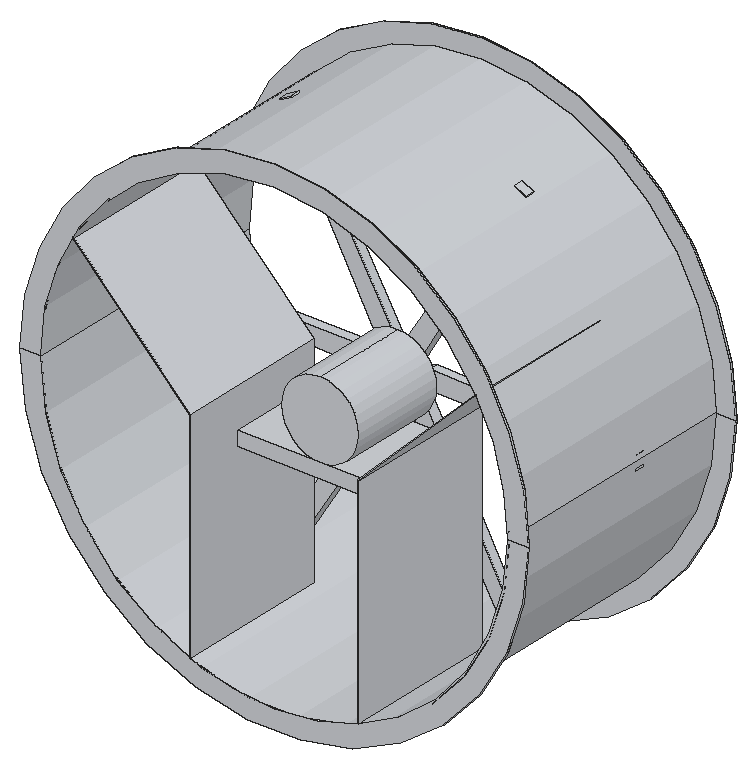
Revit family "EDD", category Mechanical Equipment, Revit 2019
Family settings
  Round Connector Dimension = Use Radius
  Part Type = Normal
  Work Plane-Based = No
  Always vertical = Yes
  Cut with Voids When Loaded = No
  Shared = No
  Room Calculation Point = No
Parameters (values of type "48_EDD")
  Unit Weight [instance] = ""
  Sones [instance] = ""
  Motor RPM [instance] = ""
  Motor Enclosure [instance] = ""
  ModelID [instance] = ""
  LwA [instance] = ""
  J/2 = J / 2  # 0' - 6 3/8"
  J = 1' - 0 3/4"
  H = 1' - 5 13/16"
  G = 0' - 6 3/4"
  Fan RPM [instance] = ""
  F/2 = F / 2  # 0' - 10 9/16"
  F = 1' - 9 1/8"
  E = 2' - 7"
  D = 1' - 10 1/8"
  B/6 = B / 6  # 0' - 8.79167"
  B/3 = B / 3  # 1' - 5.58333"
  C/2 = C / 2  # 0' - 1 1/16"
  C = 0' - 2 1/8"
  B/2 = B / 2  # 2' - 2 3/8"
  B = 4' - 4 3/4"
  Accessories [instance] = ""
  A/3*2 = A / 3 * 2 - 0' 2"  # 1' - 4"
  -A/3*2 = -A / 3 * 2 + 0' 2"  # -1' - 4"
  A/2 = A / 2  # 1' - 1 1/2"
  A = 2' - 3"
  60 = 30.00°  # constant formula
  3" = 0' - 3"  # constant formula
  Brake Hp [instance] = ""
  4" = 0' - 4"  # constant formula
  2' = 2' - 0"
  2" = 0' - 2"  # constant formula
  160 = 160.00°  # constant formula
  135 = 135.00°  # constant formula
  103 = 103.00°  # constant formula
  1" = 0' - 1"  # constant formula
  0 = 0' - 0"  # constant formula
  Voltage [instance] = 0 V
  URL = "www.lorencook.com"
  Type Comments = "Tube Axial Drum Fan Extruded Aluminum Propeller Direct Drive"  # constant formula
  Static Pressure [instance] = 0.00 in-wg
  Power [instance] = Voltage * Motor FLA * sqrt(if(Phase = 3, 3, 1))  # 0 VA
  Phase [instance] = 0
  Number of Poles [instance] = 1
  Motor Hp [instance] = "0"
  Motor FLA [instance] = 0 A
  Model = "EDD"  # constant formula
  Manufacturer = "Loren Cook Company"
  CFM [instance] = 0 CFM
  1.5 = 0' - 1 1/2"  # constant formula
  ONE EIGTH = 0' - 0 1/8"  # constant formula
  -G = -G  # -0' - 6 3/4"
  -E = -E  # -2' - 7"
  -A/2 = -A / 2 - 0' 2"  # -1' - 3 1/2"
  (B/2)-C+.125" = (B / 2) - C + 0' 0 1/8"  # 2' - 0 3/8"
  (B/2)-C = (B / 2) - C  # 2' - 0 1/4"
  (B-C)-1" = (B / 2 - C / 2) - 0' 1"  # 2' - 0 5/16"
Types (6): name | J/2 | J | H | G | F/2 | F | E | D | B/6 | B/3 | C/2 | C | B/2 | B | A/3*2 | -A/3*2 | A/2 | A | -G | -E | -A/2 | (B/2)-C+.125" | (B/2)-C | (B-C)-1"
  (no name) | 0' - 6 3/8" | 1' - 0 3/4" | 1' - 5 13/16" | 0' - 6 3/4" | 0' - 10 9/16" | 1' - 9 1/8" | 2' - 7" | 1' - 10 1/8" | 0' - 8.79167" | 1' - 5.58333" | 0' - 1 1/16" | 0' - 2 1/8" | 2' - 2 3/8" | 4' - 4 3/4" | 1' - 4" | -1' - 4" | 1' - 1 1/2" | 2' - 3" | -0' - 6 3/4" | -2' - 7" | -1' - 3 1/2" | 2' - 0 3/8" | 2' - 0 1/4" | 2' - 0 5/16"
  24_EDD | 0' - 4 7/8" | 0' - 9 3/4" | 1' - 4 5/16" | 0' - 5 1/4" | 0' - 8 1/16" | 1' - 4 1/8" | 1' - 8" | 1' - 5 1/8" | 0' - 4.58333" | 0' - 9.16667" | 0' - 0 3/4" | 0' - 1 1/2" | 1' - 1 3/4" | 2' - 3 1/2" | 0' - 10.66667" | -0' - 10.66667" | 0' - 9 1/2" | 1' - 7" | -0' - 5 1/4" | -1' - 8" | -0' - 11 1/2" | 1' - 0 3/8" | 1' - 0 1/4" | 1' - 0"
  30_EDD | 0' - 4 7/8" | 0' - 9 3/4" | 1' - 4 5/16" | 0' - 5 1/4" | 0' - 9 1/16" | 1' - 6 1/8" | 1' - 10" | 1' - 10 1/8" | 0' - 5.58333" | 0' - 11.16667" | 0' - 0 3/4" | 0' - 1 1/2" | 1' - 4 3/4" | 2' - 9 1/2" | 1' - 0" | -1' - 0" | 0' - 10 1/2" | 1' - 9" | -0' - 5 1/4" | -1' - 10" | -1' - 0 1/2" | 1' - 3 3/8" | 1' - 3 1/4" | 1' - 3"
  36_EDD | 0' - 6 3/8" | 1' - 0 3/4" | 1' - 5 13/16" | 0' - 6 3/4" | 0' - 10 9/16" | 1' - 9 1/8" | 2' - 1" | 1' - 10 1/8" | 0' - 6.58333" | 1' - 1.16667" | 0' - 0 3/4" | 0' - 1 1/2" | 1' - 7 3/4" | 3' - 3 1/2" | 1' - 0" | -1' - 0" | 0' - 10 1/2" | 1' - 9" | -0' - 6 3/4" | -2' - 1" | -1' - 0 1/2" | 1' - 6 3/8" | 1' - 6 1/4" | 1' - 6"
  42_EDD | 0' - 6 3/8" | 1' - 0 3/4" | 1' - 5 13/16" | 0' - 6 3/4" | 0' - 10 9/16" | 1' - 9 1/8" | 2' - 5" | 1' - 10 1/8" | 0' - 7 5/8" | 1' - 3 1/4" | 0' - 0 13/16" | 0' - 1 5/8" | 1' - 10 7/8" | 3' - 9 3/4" | 1' - 4" | -1' - 4" | 1' - 1 1/2" | 2' - 3" | -0' - 6 3/4" | -2' - 5" | -1' - 3 1/2" | 1' - 9 3/8" | 1' - 9 1/4" | 1' - 9 1/16"
  48_EDD | 0' - 6 3/8" | 1' - 0 3/4" | 1' - 5 13/16" | 0' - 6 3/4" | 0' - 10 9/16" | 1' - 9 1/8" | 2' - 7" | 1' - 10 1/8" | 0' - 8.79167" | 1' - 5.58333" | 0' - 1 1/16" | 0' - 2 1/8" | 2' - 2 3/8" | 4' - 4 3/4" | 1' - 4" | -1' - 4" | 1' - 1 1/2" | 2' - 3" | -0' - 6 3/4" | -2' - 7" | -1' - 3 1/2" | 2' - 0 3/8" | 2' - 0 1/4" | 2' - 0 5/16"
Reference planes (in)
  plane 1 "Center (Front/Back)": y = 0
  plane 2: z = 0
  plane 3 "Center (Left/Right)": x = 0.40541
Forms (in)
  Revolve 1, solid
    sketch origin (0, 0, 0) x (1, 0, 0) y (0, 1, 0)
      loop
        line (26.78041, 13.5) -> (24.65541, 13.5) -> (24.65541, -13.5) -> (26.78041, -13.5) -> (26.78041, -13.375) -> (24.78041, -13.375) -> (24.78041, 13.375) -> (26.78041, 13.375) -> (26.78041, 13.5)
      axis (0.40541, -13.5) -> (0.40541, 13.5)
    angle from 0 to 360
  Extrusion 2, solid
    sketch origin (0.40541, 2, 0) x (0, 0, 1) y (1, 0, 0)
      loop
        line (1.73205, 0) -> (0.86603, 1.5) -> (-0.86603, 1.5) -> (-1.73205, 0) -> (-0.86603, -1.5) -> (0.86603, -1.5) -> (1.73205, 0)
    from 1 to 2
  Extrusion 3, solid
    sketch origin (0.40541, 2, 0) x (0, 0, 1) y (1, 0, 0)
      loop
        line (0.86603, -1.5) -> (-0.63397, -1.5) -> (-1.1221, -2.95415) -> (-0.58361, -24.3125) -> (0.86603, -24.3125) -> (0.86603, -1.5)
    from 1 to 2
  Extrusion 4, solid
    sketch origin (0.40541, 2, 0) x (0.866025, 0, 0.5) y (0.5, 0, -0.866025)
      loop
        line (0.86603, -1.5) -> (-0.63397, -1.5) -> (-1.1221, -2.95415) -> (-0.58361, -24.3125) -> (0.86603, -24.3125) -> (0.86603, -1.5)
    from 1 to 2
  Extrusion 5, solid
    sketch origin (0.40541, 2, 0) x (0.866025, 0, -0.5) y (-0.5, 0, -0.866025)
      loop
        line (0.86603, -1.5) -> (-0.63397, -1.5) -> (-1.1221, -2.98033) -> (-0.47016, -24.3125) -> (0.86603, -24.3125) -> (0.86603, -1.5)
    from 1 to 2
  Extrusion 6, solid
    sketch origin (0.40541, 2, 0) x (0, 0, -1) y (-1, 0, 0)
      loop
        line (0.86603, -1.5) -> (-0.63397, -1.5) -> (-1.1221, -2.95415) -> (-0.58361, -24.3125) -> (0.86603, -24.3125) -> (0.86603, -1.5)
    from 1 to 2
  Extrusion 7, solid
    sketch origin (0.40541, 2, 0) x (-0.866025, 0, -0.5) y (-0.5, 0, 0.866025)
      loop
        line (0.86603, -1.5) -> (-0.63397, -1.5) -> (-1.1221, -2.95415) -> (-0.58361, -24.3125) -> (0.86603, -24.3125) -> (0.86603, -1.5)
    from 1 to 2
  Extrusion 8, solid
    sketch origin (0.40541, 2, 0) x (-0.866025, 0, 0.5) y (0.5, 0, 0.866025)
      loop
        line (0.86603, -1.5) -> (-0.63397, -1.5) -> (-1.1221, -2.95415) -> (-0.58361, -24.3125) -> (0.86603, -24.3125) -> (0.86603, -1.5)
    from 1 to 2
  Extrusion 9, solid
    sketch origin (0.40541, -13.5, 0) x (0, 0, -1) y (1, 0, 0)
      loop
        arc (22.6002, -8.79167) -> (24.25, 0) -> (22.6002, 8.79167) r 24.25
        line (22.6002, 8.79167) -> (0, 8.79167) -> (-12.17848, 20.97015)
        arc (-12.17848, 20.97015) -> (-24.25, 0) -> (-12.17848, -20.97015) r 24.25
        line (-12.17848, -20.97015) -> (0, -8.79167) -> (22.6002, -8.79167)
    from 0 to -16 <- "-A/3*2"
  Extrusion 10, void
    sketch origin (0.40541, -13.5, 0) x (0, 0, 1) y (1, 0, 0)
      loop
        arc (12.29006, -20.90495) -> (24.25, 0) -> (12.29006, 20.90495) r 24.25
        line (12.29006, 20.90495) -> (0.05178, 8.66667) -> (-22.64843, 8.66667)
        arc (-22.64843, 8.66667) -> (-24.25, 0) -> (-22.64843, -8.66667) r 24.25
        line (-22.64843, -8.66667) -> (0.05178, -8.66667) -> (12.29006, -20.90495)
    from 0 to 16 <- "A/3*2"
  Extrusion 11, solid
    sketch origin (0.40541, 2.5, 0) x (0, 0, 1) y (1, 0, 0)
      loop
        line (-5.5, -8.66667) -> (-4, -8.66667) -> (-4, 8.66667) -> (-5.5, 8.66667) -> (-5.5, -8.66667)
    from 0 to -10
  Extrusion 12, solid
    sketch origin (0.40541, 2.5, 0) x (0, 0, 1) y (1, 0, 0)
      loop
        circle (0, 0) r 4
    from 0 to -10
Cuts and joins
  Extrusion 10 cuts Revolve 1
  Extrusion 10 cuts Extrusion 9
Lines and regions (in)
  symbolic lines
    curve 1: line (0.40541, 2, 0) -> (7.76663, 2, 4.25)
    curve 2: line (0.40541, 2, 0) -> (-6.7393, 2, 4.125)
    curve 3: line (-6.54054, 2, -4.01025) -> (0.40541, 2, 0)
    curve 4: line (0.40541, 2, 0) -> (6.6841, 2, -3.625)
Dimensions and locks (in)
  "A/2": Revolve 1 sketch curve to plane 1 "Center (Front/Back)"  (x2)
  "B/2": plane 3 "Center (Left/Right)" to Revolve 1 sketch curve
  "C": Revolve 1 sketch curve to Revolve 1 sketch curve  (x2)
  "ONE EIGTH": Revolve 1 sketch curve to Revolve 1 sketch curve  (x3)
  "0": Revolve 1 sketch curve to plane 3 "Center (Left/Right)"
  "(B-C)-1"": plane 3 "Center (Left/Right)" to Extrusion 3 sketch curve
  "0": Extrusion 3 sketch curve to Extrusion 2  (x2)
  "(B-C)-1"": Extrusion 6 sketch curve to plane 3 "Center (Left/Right)"
  "0": Extrusion 2 to Extrusion 6 sketch curve  (x2)
  "0": level to curve 4
  "0": plane 3 "Center (Left/Right)" to curve 4
  "(B-C)-1"": curve 2 to Extrusion 5 sketch curve
  "(B-C)-1"": Extrusion 4 sketch curve to curve 3
  "(B-C)-1"": Extrusion 7 sketch curve to curve 3
  "(B-C)-1"": Extrusion 8 sketch curve to curve 4
  "0": Extrusion 8 sketch curve to Extrusion 2  (x2)
  "1.5": Extrusion 8 sketch curve to Extrusion 8 sketch curve
  "1.5": Extrusion 3 sketch curve to Extrusion 3 sketch curve
  "1.5": Extrusion 6 sketch curve to Extrusion 6 sketch curve
  "0": Extrusion 7 sketch curve to Extrusion 2
  "1.5": Extrusion 7 sketch curve to Extrusion 7 sketch curve
  "0": Extrusion 5 sketch curve to Extrusion 2  (x2)
  "1.5": Extrusion 5 sketch curve to Extrusion 5 sketch curve
  "0": Extrusion 4 sketch curve to Extrusion 2  (x2)
  "1.5": Extrusion 4 sketch curve to Extrusion 4 sketch curve
  "0": Extrusion 9 sketch curve to level
  "0": Extrusion 9 sketch curve to plane 3 "Center (Left/Right)"
  "B/3": Extrusion 9 sketch curve to Extrusion 9 sketch curve
  "B/6": plane 3 "Center (Left/Right)" to Extrusion 9 sketch curve
  "0": Extrusion 10 sketch curve to plane 3 "Center (Left/Right)"
  "0": Extrusion 10 sketch curve to level
  "ONE EIGTH": Extrusion 10 sketch curve to Extrusion 9
  "ONE EIGTH": Extrusion 9 to Extrusion 10 sketch curve  (x3)
  "0": cut or joined group of Extrusion 9, Extrusion 10 to Extrusion 11 sketch curve
  "0": Extrusion 11 sketch curve to cut or joined group of Extrusion 9, Extrusion 10
  "1.5": Extrusion 11 sketch curve to Extrusion 11 sketch curve
  "4"": Extrusion 11 sketch curve to level
  "0": Extrusion 12 sketch curve to plane 3 "Center (Left/Right)"
  "0": Extrusion 12 sketch curve to level
  "0": Extrusion 11 to Extrusion 12 sketch curve
  "(B/2)-C": radius of Extrusion 9 sketch curve  (x2)
  "(B/2)-C": radius of Extrusion 10 sketch curve  (x2)
  "160": angle Extrusion 3 sketch curve to Extrusion 3 sketch curve
  "160": angle Extrusion 4 sketch curve to Extrusion 4 sketch curve
  "160": angle Extrusion 5 sketch curve to Extrusion 5 sketch curve
  "160": angle Extrusion 6 sketch curve to Extrusion 6 sketch curve
  "160": angle Extrusion 7 sketch curve to Extrusion 7 sketch curve
  "160": angle Extrusion 8 sketch curve to Extrusion 8 sketch curve
  "60": angle curve 1 to level
  "60": angle level to curve 2
  "60": angle curve 3 to level
  "60": angle level to curve 4
  "135": angle Extrusion 9 sketch curve to Extrusion 9 sketch curve  (x2)
Automatic sketch dimensions
  Revolve 1 sketch curve to plane 1 "Center (Front/Back)" = 0' - 0"
  Revolve 1 sketch curve to Revolve 1 sketch curve = 0' - 4 1/2"
  Extrusion 3 sketch curve to Extrusion 3 sketch curve = 0' - 0.48813"
  Extrusion 3 sketch curve to Extrusion 3 sketch curve = 0' - 0.5385"
  Extrusion 4 sketch curve to Extrusion 4 sketch curve = 0' - 0.48813"
  Extrusion 4 sketch curve to Extrusion 4 sketch curve = 0' - 0.5385"
  Extrusion 5 sketch curve to Extrusion 5 sketch curve = 0' - 0.48813"
  Extrusion 6 sketch curve to Extrusion 6 sketch curve = 0' - 0.48813"
  Extrusion 6 sketch curve to Extrusion 6 sketch curve = 0' - 0.5385"
  Extrusion 7 sketch curve to Extrusion 7 sketch curve = 0' - 0.48813"
  Extrusion 7 sketch curve to Extrusion 7 sketch curve = 0' - 0.5385"
  Extrusion 8 sketch curve to Extrusion 8 sketch curve = 0' - 0.48813"
  Extrusion 8 sketch curve to Extrusion 8 sketch curve = 0' - 0.5385"
  plane 3 "Center (Left/Right)" to Extrusion 5 sketch curve = 0' - 0.5184"
  Extrusion 7 sketch curve to plane 3 "Center (Left/Right)" = 0' - 0"
  Extrusion 9 sketch curve to Revolve 1 = 0' - 0"  (x2)
  Extrusion 9 sketch curve to Extrusion 9 sketch curve = 0' - 0"  (x3)
  Extrusion 10 sketch curve to Extrusion 10 sketch curve = 0' - 0"  (x2)
Connectors (in)
  hvac at (0.40541, -13.5, 0), driven by "(B/2)-C+.125""
    settings: on Revolve 1, index 1, duct flow 0 CFM, flow factor 0, pres drop 0.00 in-wg, loss coef 0, conn angle 0.00°, conn width 12", conn height 12", conn diameter 48 3/4", duct sys type 29, conn prof type 0, flow config 0, flow direction 1, loss method 0, conn ref index -1, conn util no, is conn primary yes, conn desc ""
  hvac at (0.40541, 13.5, 0), driven by "(B/2)-C+.125""
    settings: on Revolve 1, index 2, duct flow 0 CFM, flow factor 0, pres drop 0.00 in-wg, loss coef 0, conn angle 0.00°, conn width 12", conn height 12", conn diameter 48 3/4", duct sys type 29, conn prof type 0, flow config 0, flow direction 2, loss method 0, conn ref index -1, conn util no, is conn primary no, conn desc ""
  electrical at (0.40541, -7.5, 0)
    settings: on Extrusion 12, index 3, voltage 0 V, apparent load 0 VA, apparent load phase1 0 VA, apparent load phase2 0 VA, apparent load phase3 0 VA, power factor 1, load classification "Other", number of poles 1, system type 30, power factor state 1, is connector primary yes, connector utility no, sub classification motor no, connector description ""
